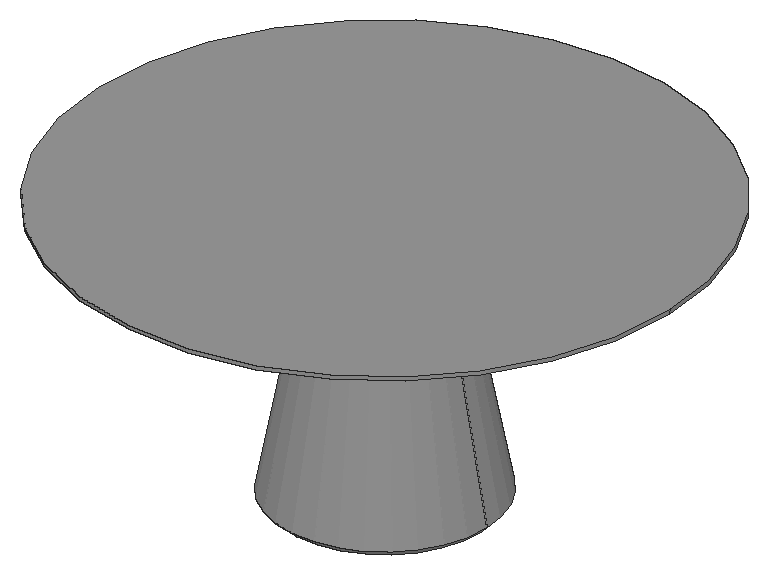
Revit family "Andreu World Reverse Lounge ME5521", category Mobiliario, Revit 2014
Parameters
  Width = 1400 mm
  URL = "http://www.andreuworld.com/"
  Referencia = "ME-5521"
  Top Material = Andreu World Oak
  Height = 650 mm  # constant formula
  Fabricante = "Andreu World"
  Descripción = "Table program available in different base types and tabletops. Central polyethylene bases available in various colors"
  D Base = if(Width < 1600 mm, 500 mm, 600 mm)  # 500 mm
  Base Material = Andreu World Thermo-polymer White
Reference planes
  plane 1 "Centro (Frontal/Posterior)": y = 0
  plane 2: z = 0
  plane 3 "Centro (Izquierda/Derecha)": x = 0
  plane 4: y = 700
  plane 5: y = -700
  plane 6: x = -700
  plane 7: x = 700
  plane 8 "High": z = 650
  plane 9: x = -250
  plane 10: x = 250
Forms (mm)
  Revolve 1, solid, material "Andreu World Thermo-polymer White" <- "Base Material", detail levels medium+fine
    sketch origin (0, 0, 0) x (1, 0, 0) y (0, 0, 1)
      loop
        line (0, 620) -> (0, 0) -> (237.791, 0) -> (250, 11.755) -> (166.5, 439) -> (166.5, 620) -> (0, 620)
      axis (0, 620) -> (0, 0)
    angle from 0 to 360
  Extrusion 2, solid, material "Andreu World Oak" <- "Top Material", detail levels medium+fine
    sketch origin (-0.012, 0, 0) x (1, 0, 0) y (0, 1, 0)
      loop
        circle (0.012, 0) r 700
    from 620 to 650
  Sweep 3, void
    path in 3D
      loop
        arc (700, 0, 650) -> (0, -700, 650) -> (-700, 0, 650) r 700
        arc (-700, 0, 650) -> (0, 700, 650) -> (700, 0, 650) r 700
    profile origin (0, 700, 650) x (0, 1, 0) y (0, 0, 1)
      loop
        line (0, -8) -> (-70, -30) -> (0, -30) -> (0, -8)
Cuts and joins
  Sweep 3 cuts Extrusion 2
Lines and regions (mm)
  sketch lines
    curve 1: arc (-700, 0, 650) -> (0, 700, 650) -> (700, 0, 650) r 700
    curve 2: arc (700, 0, 650) -> (0, -700, 650) -> (-700, 0, 650) r 700
  model lines, detail levels coarse+medium
    curve 3: circle (0, 0, 0) r 700 normal (0, 0, 1)
Dimensions and locks
  equal spacing: plane 6, plane 3 "Centro (Izquierda/Derecha)", plane 7
  equal spacing: plane 4, plane 1 "Centro (Frontal/Posterior)", plane 5
  "Width": plane 6 to plane 7
  "Width": plane 4 to plane 5
  "Height": plane 8 "High" to level
  equal spacing: plane 10, plane 3 "Centro (Izquierda/Derecha)", plane 9
  "D Base": plane 10 to plane 9
  "Width": diameter of Extrusion 2 sketch curve
  "Width": diameter of curve 3
  aligned and locked: level to plane 2
  aligned and locked: Revolve 1 sketch curve to plane 3 "Centro (Izquierda/Derecha)"
  aligned and locked: Revolve 1 sketch curve to level
  aligned and locked: plane 8 "High" to Extrusion 2
Automatic sketch dimensions
  Revolve 1 sketch curve to plane 3 "Centro (Izquierda/Derecha)" = 0 mm
  Revolve 1 sketch curve to plane 10 = 0 mm
  Revolve 1 sketch curve to plane 10 = 83.5 mm
  Revolve 1 sketch curve to plane 10 = 12.209 mm
  level to Revolve 1 sketch curve = 11.755 mm
  Revolve 1 sketch curve to Revolve 1 sketch curve = 181 mm
  Revolve 1 sketch curve to level = 440.494 mm
  plane 8 "High" to Revolve 1 sketch curve = 1347.414 mm
  Revolve 1 sketch curve to plane 8 "High" = 211 mm
  Sweep 3 sketch curve to profile plane = 0 mm
  Sweep 3 sketch curve to profile plane = 30 mm
  profile plane to Sweep 3 sketch curve = 70 mm
  Sweep 3 sketch curve to profile plane = 8 mm
  plane 1 "Centro (Frontal/Posterior)" to curve 3 = 0 mm
  curve 3 to plane 3 "Centro (Izquierda/Derecha)" = 0 mm
  plane 1 "Centro (Frontal/Posterior)" to Extrusion 2 sketch curve = 0 mm
  Extrusion 2 sketch curve to plane 3 "Centro (Izquierda/Derecha)" = 0 mm
